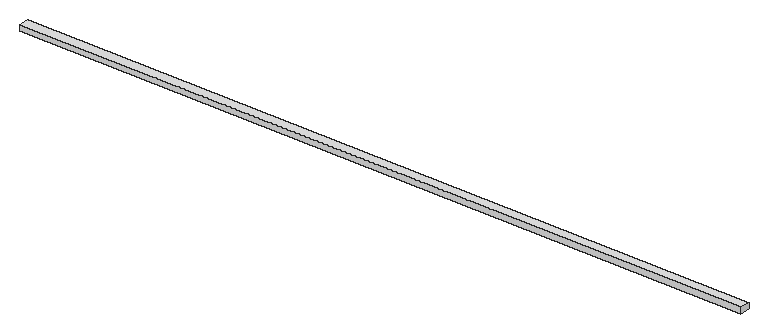
Revit family "MarshallTufflex_ElectricalFittings_TrunkingDado_Mini_MMT4a", category Generic Models, host Face, Revit 2016 (continued)
Definition of nested family "MarshallTufflex_ElectricalFittings_TrunkingDado_RadiusInternalBendCover"
  Parameters (values of type "MarshallTufflex_ElectricalFittings_TrunkingDado_Mini_RadiusInternalBendCover_TIDB4C")
    DocumentationInstallationGuide = "www.marshall-tufflex.com"
    DocumentationCertificates = "www.marshall-tufflex.com"
    Description = "Trunking Dado MT Mini Radius Internal Bend Cover TIDB4C"
    Default Elevation = 1200.000 mm
    Daily [instance] = "Please Record On Commisioning"
    CreatedOn = "2018-11-16T09:00:00"
    CreatedBy = "Sales@marshall-tufflex.com"
    Cost = 0
    Constituents = "Mini Trunking"
    Compartments = "No"
    Colour = "White (RAL9003)"
    Color = "White (RAL9003)"
    CodePerformance = "n/a"
    ClassificationValue = "Pr_65_70_11_61"
    ClassificationName = "Uniclass2015"
    CEApproval = "Yes"
    BespokeTimeframe [instance] = "Please Record On Commisioning"
    BarCode [instance] = "Please Record On Commisioning"
    BIMObjectName = "MarshallTufflex_ElectricalFittings_TrunkingDado_Mini_RadiusInternalBendCover_TIDB4C"
    AssetType = "Fixed"
    AssetIdentifier [instance] = "Please Record On Commisioning"
    Assembly Code = "D5010"
    Annually [instance] = "Please Record On Commisioning"
    AccessoryBoxDepth = "n/a"
    Accessories = "www.marshall-tufflex.com"
    AccessibilityPerformance = "n/a"
    AccessClearanceTop = 0.000 mm
    AccessClearanceRight = 0.000 mm
    AccessClearanceRear = 0.000 mm
    AccessClearanceLeft = 0.000 mm
    AccessClearanceFront = 0.000 mm
    AccessClearanceBottom = 0.000 mm
    6Monthly [instance] = "Please Record On Commisioning"
  Reference planes
    plane 1 "Center (Front/Back)": y = 0
    plane 2: z = 0
    plane 3 "Center (Left/Right)": x = 0
    plane 4: y = 20.5
    plane 5: y = -20.5
    plane 6: x = 67
    plane 7: x = 94
    plane 8: z = 27
    plane 9: z = 94
  Forms (mm)
    Extrusion 1, solid
      sketch origin (0, 0, 0) x (1, 0, 0) y (0, 1, 0)
        loop
          line (-1219.2, 1219.2) -> (-1219.2, -1219.2) -> (1219.2, -1219.2) -> (1219.2, 1219.2) -> (-1219.2, 1219.2)
      from 0 to -304.8
    Extrusion 2, solid
      sketch origin (0, 0, 0) x (1, 0, 0) y (0, 0, 1)
        loop
          line (0, 0) -> (94, 0) -> (94, 94) -> (67, 94) -> (67, 77)
          arc (67, 77) -> (52.355, 41.645) -> (17, 27) r 50
          line (17, 27) -> (0, 27) -> (0, 0)
      from -20.5 to 20.5
  Dimensions and locks
    "OverallHeight": plane 6 to plane 7
    "OverallLength": plane 3 "Center (Left/Right)" to plane 7
    "OverallWidth": plane 4 to plane 5
    equal spacing: plane 4, plane 1 "Center (Front/Back)", plane 5
    "OverallLength": plane 9 to Extrusion 1
    "OverallHeight": plane 8 to Extrusion 1
    aligned and locked: plane 2 to Extrusion 1
    aligned and locked: level to Extrusion 1
    aligned and locked: Extrusion 2 sketch curve to plane 8
    aligned and locked: plane 6 to Extrusion 2 sketch curve
    aligned and locked: Extrusion 2 sketch curve to plane 9
    aligned and locked: Extrusion 2 sketch curve to plane 7
    aligned and locked: plane 3 "Center (Left/Right)" to Extrusion 2 sketch curve
    aligned and locked: Extrusion 1 to Extrusion 2 sketch curve
    aligned and locked: plane 4 to Extrusion 2
    aligned and locked: Extrusion 2 to plane 5
  Automatic sketch dimensions
    Extrusion 1 sketch curve to Extrusion 1 sketch curve = 2438.400 mm  (x2)
    plane 3 "Center (Left/Right)" to Extrusion 2 sketch curve = 17.000 mm
Definition of nested family "MarshallTufflex_ElectricalFittings_TrunkingDado_RadiusExternalBend"
  Parameters (values of type "MarshallTufflex_ElectricalFittings_TrunkingDado_Mini_RadiusExternalBendAssembly_TEDB4")
    _DistributedBy = "www.bimstore.co.uk"
    _CurrentRevision = 1
    _CreatedBy = "www.marshall-tufflex.com"
    _BimSpecGuid = 0
    _BSBibleVersion = 15
    _AuthorizedBy = ""
    _Author = "Marshall-Tufflex Ltd"
    Weekly [instance] = "Please Record On Commisioning"
    WarrantyStartDate [instance] = "Please Record On Commisioning"
    WarrantyID [instance] = "Please Record On Commisioning"
    WarrantyGuarantorParts = "Sales@marshall-tufflex.com"
    WarrantyGuarantorLabor [instance] = "Please Record On Commisioning"
    WarrantyDurationUnit = "Years"
    WarrantyDurationParts = 0
    WarrantyDurationLabor = 0
    WarrantyDescription [instance] = "Please Record On Commisioning"
    URL = "www.marshall-tufflex.com"
    TypeName = "Marshall Tufflex Electrical Fitting Trunking Dado Mini"
    Type Comments = "Dado Trunking MMT4 Radius External Bend Assembly"
    Type = "Trunking"
    Sub-Type = "Fitting"
    SpareParts = "Sales@marshall-tufflex.com"
    ShippingWeight = 0
    Shape = "38x25mm"
    SerialNumber [instance] = "Please Record On Commisioning"
    ResponsibleSourcingOfMaterials = "n/a"
    ResponsibleExtractionOfMaterials = "n/a"
    ReplacementCost = "Sales@marshall-tufflex.com"
    ReferencedStandard = "BS EN 50085-1"
    ReferenceStandard = "BS EN 50085-1"
    Quarterly [instance] = "Please Record On Commisioning"
    ProductionYear = "2018"
    ProductRange = "Mini"
    ProductModelNumber = "TEDB4"
    ProductLiterature = "www.marshall-tufflex.com"
    OverallWidth = 41.000 mm
    OverallLength = 128.000 mm
    OverallHeight = 27.000 mm
    O&Mmanual = "www.marshall-tufflex.com"
    NominalLength = 0.000 mm
    NominalHeight = 0.000 mm
    NominalDepth = 0.000 mm
    NBSReference = "90-55-10/390"
    NBSOfficeMasterTag = "n/a"
    NBSObjectName = "MT MiniRadiusExternalBendAssemblyTEDB4"
    NBSNote = ""
    NBSDescription = "Proprietry Tunking"
    Monthly [instance] = "Please Record On Commisioning"
    ModelReference = "Mini"
    ModelNumber = "TEDB4"
    Model = "Mini"
    MaterialIngredientReporting = "n/a"
    Material = "PVCu"
    ManufacturerWebsite = "www.marshall-tufflex.com"
    ManufacturerName = "Marshall-Tufflex Ltd"
    Manufacturer = "Marshall-Tufflex Ltd"
    LocationOfManufacturer = "N 50°52'39\" E 0°31'41\""
    LifeCycleAnalysis = "n/a"
    LidConfiguration = "Tamper Proof"
    Keynote = "V90"
    InstallationDate [instance] = "Please Record On Commisioning"
    IfcExportType = "IfcCableSegmentType"
    IfcExportAs = "IfcFlowSegment"
    GrossWeight = 0
    GreenGuideforSpecification = 0
    Grade = "n/a"
    Fittings = "www.marshall-tufflex.com"
    Finish = "Matt"
    Features = "Variety of sizes, self-fixing and punched options"
    ExpectedLife = 0
    ErPEnergyLabel = "n/a"
    EnvironmentalProductDeclaration = "n/a"
    EnergyTechnologyList = "n/a"
    EnclosureRating = "IP4X"
    EmbodiedCarbon = 0
    DurationUnit = "Years"
    DocumentationTechnical = "www.marshall-tufflex.com"
    DocumentationMaintenance = "www.marshall-tufflex.com"
    DocumentationLiterature = "www.marshall-tufflex.com"
    DocumentationInstallationGuide = "www.marshall-tufflex.com"
    DocumentationCertificates = "www.marshall-tufflex.com"
    Description = "Trunking Dado MT Mini Radius External Bend Assembly TEDB4"
    Default Elevation = 1200.000 mm
    Daily [instance] = "Please Record On Commisioning"
    CreatedOn = "2018-11-16T09:00:00"
    CreatedBy = "Sales@marshall-tufflex.com"
    Cost = 0
    Constituents = "Mini Trunking"
    Compartments = "No"
    Colour = "White (RAL9003)"
    Color = "White (RAL9003)"
    CodePerformance = "n/a"
    ClassificationValue = "Pr_65_70_11_61"
    ClassificationName = "Uniclass2015"
    CEApproval = "Yes"
    BespokeTimeframe [instance] = "Please Record On Commisioning"
    BarCode [instance] = "Please Record On Commisioning"
    BIMObjectName = "MarshallTufflex_ElectricalFittings_TrunkingDado_Mini_RadiusExternalBendAssembly_TEDB4"
    AssetType = "Fixed"
    AssetIdentifier [instance] = "Please Record On Commisioning"
    Assembly Code = "D5010"
    Annually [instance] = "Please Record On Commisioning"
    AccessoryBoxDepth = "n/a"
    Accessories = "www.marshall-tufflex.com"
    AccessibilityPerformance = "n/a"
    AccessClearanceTop = 0.000 mm
    AccessClearanceRight = 0.000 mm
    AccessClearanceRear = 0.000 mm
    AccessClearanceLeft = 0.000 mm
    AccessClearanceFront = 0.000 mm
    AccessClearanceBottom = 0.000 mm
    6Monthly [instance] = "Please Record On Commisioning"
  Types (2, lengths in mm): name | Type Comments | ProductModelNumber | NBSObjectName | ModelNumber | Description | BIMObjectName
    MarshallTufflex_ElectricalFittings_TrunkingDado_Mini_RadiusExternalBendAssembly_TEDB4 | "Dado Trunking MMT4 Radius External Bend Assembly" | "TEDB4" | "MT MiniRadiusExternalBendAssemblyTEDB4" | "TEDB4" | "Trunking Dado MT Mini Radius External Bend Assembly TEDB4" | "MarshallTufflex_ElectricalFittings_TrunkingDado_Mini_RadiusExternalBendAssembly_TEDB4"
    MarshallTufflex_ElectricalFittings_TrunkingDado_Mini_RadiusExternalBendCover_TEDB4C | "Dado Trunking MMT4 Radius External Bend Cover" | "TEDB4C" | "MT MiniRadiusExternalBendCoverTEDB4C" | "TEDB4C" | "Trunking Dado MT Mini Radius External Bend Cover TEDB4C" | "MarshallTufflex_ElectricalFittings_TrunkingDado_Mini_RadiusExternalBendCover_TEDB4C"
  Reference planes
    plane 1 "Center (Front/Back)": y = 0
    plane 2: z = 0
    plane 3 "Center (Left/Right)": x = 0
    plane 4: y = 20.5
    plane 5: y = -20.5
    plane 6: z = 27
    plane 7: z = -101
  Forms (mm)
    Extrusion 1, solid
      sketch origin (0, 0, 0) x (1, 0, 0) y (0, 1, 0)
        loop
          line (-1219.2, 1219.2) -> (-1219.2, -1219.2) -> (1219.2, -1219.2) -> (1219.2, 1219.2) -> (-1219.2, 1219.2)
      from 0 to -304.8
    Extrusion 2, solid
      sketch origin (0, 0, 0) x (1, 0, 0) y (0, 0, 1)
        loop
          line (0, -101) -> (27, -101) -> (38.94, -54.909)
          arc (38.94, -54.909) -> (18.847, 18.847) -> (-54.909, 38.94) r 77
          line (-54.909, 38.94) -> (-101, 27) -> (-101, 0) -> (0, 0) -> (0, -101)
      from -20.5 to 20.5
  Dimensions and locks
    "OverallWidth": plane 4 to plane 5
    equal spacing: plane 4, plane 1 "Center (Front/Back)", plane 5
    Extrusion 1 to Extrusion 2 = 101.000 mm
    aligned and locked: plane 2 to Extrusion 1
    aligned and locked: level to Extrusion 1
    aligned and locked: Extrusion 1 to Extrusion 2 sketch curve
    aligned and locked: plane 4 to Extrusion 2
    aligned and locked: Extrusion 2 to plane 5
    aligned and locked: Extrusion 2 to plane 3 "Center (Left/Right)"
  Automatic sketch dimensions
    Extrusion 1 sketch curve to Extrusion 1 sketch curve = 2438.400 mm  (x2)
    Extrusion 2 sketch curve to plane 6 = 0.000 mm
    Extrusion 2 sketch curve to plane 3 "Center (Left/Right)" = 0.000 mm
    Extrusion 2 sketch curve to plane 7 = 0.000 mm
    Extrusion 2 sketch curve to Extrusion 2 sketch curve = 27.000 mm
    Extrusion 2 sketch curve to level = 35.600 mm
    plane 6 to Extrusion 2 sketch curve = 11.940 mm
    plane 3 "Center (Left/Right)" to Extrusion 2 sketch curve = 38.940 mm
    Extrusion 2 sketch curve to Extrusion 2 sketch curve = 46.091 mm
    Extrusion 2 sketch curve to plane 3 "Center (Left/Right)" = 35.600 mm
    Extrusion 2 sketch curve to plane 3 "Center (Left/Right)" = 54.909 mm
Definition of nested family "MarshallTufflex_ElectricalFittings_TrunkingDado_RadiusFlatAngle"
  Parameters (values of type "MarshallTufflex_ElectricalFittings_TrunkingDado_Mini_RadiusFlatAngleCover_TFDB4C")
    _DistributedBy = "www.bimstore.co.uk"
    _CurrentRevision = 1
    _CreatedBy = "www.marshall-tufflex.com"
    _BimSpecGuid = 0
    _BSBibleVersion = 15
    _AuthorizedBy = ""
    _Author = "Marshall-Tufflex Ltd"
    Weekly [instance] = "Please Record On Commisioning"
    WarrantyStartDate [instance] = "Please Record On Commisioning"
    WarrantyID [instance] = "Please Record On Commisioning"
    WarrantyGuarantorParts = "Sales@marshall-tufflex.com"
    WarrantyGuarantorLabor [instance] = "Please Record On Commisioning"
    WarrantyDurationUnit = "Years"
    WarrantyDurationParts = 0
    WarrantyDurationLabor = 0
    WarrantyDescription [instance] = "Please Record On Commisioning"
    URL = "www.marshall-tufflex.com"
    TypeName = "Marshall Tufflex Electrical Fitting Trunking Dado Mini"
    Type Comments = "Dado Trunking MMT4 Radius Flat Angle Cover"
    Type = "Trunking"
    Sub-Type = "Fitting"
    SpareParts = "Sales@marshall-tufflex.com"
    ShippingWeight = 0
    Shape = "41x27mm"
    SerialNumber [instance] = "Please Record On Commisioning"
    ResponsibleSourcingOfMaterials = "n/a"
    ResponsibleExtractionOfMaterials = "n/a"
    ReplacementCost = "Sales@marshall-tufflex.com"
    ReferencedStandard = "BS EN 50085-1"
    ReferenceStandard = "BS EN 50085-1"
    Quarterly [instance] = "Please Record On Commisioning"
    ProductionYear = "2018"
    ProductRange = "Mini"
    ProductModelNumber = "TFDB4C"
    ProductLiterature = "www.marshall-tufflex.com"
    OverallWidth = 41.000 mm
    OverallLength = 75.000 mm
    OverallHeight = 27.000 mm
    O&Mmanual = "www.marshall-tufflex.com"
    NominalLength = 0.000 mm
    NominalHeight = 0.000 mm
    NominalDepth = 0.000 mm
    NBSReference = "90-55-10/390"
    NBSOfficeMasterTag = "n/a"
    NBSObjectName = "MT MiniRadiusFlatAngleCoverTFDB4C"
    NBSNote = ""
    NBSDescription = "Proprietry Tunking"
    Monthly [instance] = "Please Record On Commisioning"
    ModelReference = "Mini"
    ModelNumber = "TFDB4C"
    Model = "Mini"
    MaterialIngredientReporting = "n/a"
    Material = "PVCu"
    ManufacturerWebsite = "www.marshall-tufflex.com"
    ManufacturerName = "Marshall-Tufflex Ltd"
    Manufacturer = "Marshall-Tufflex Ltd"
    LocationOfManufacturer = "N 50°52'39\" E 0°31'41\""
    LifeCycleAnalysis = "n/a"
    LidConfiguration = "Tamper Proof"
    Keynote = "V90"
    InstallationDate [instance] = "Please Record On Commisioning"
    IfcExportType = "IfcCableSegmentType"
    IfcExportAs = "IfcFlowSegment"
    GrossWeight = 0
    GreenGuideforSpecification = 0
    Grade = "n/a"
    Fittings = "www.marshall-tufflex.com"
    Finish = "Matt"
    Features = "Variety of sizes, self-fixing and punched options"
    ExpectedLife = 0
    ErPEnergyLabel = "n/a"
    EnvironmentalProductDeclaration = "n/a"
    EnergyTechnologyList = "n/a"
    EnclosureRating = "IP4X"
    EmbodiedCarbon = 0
    DurationUnit = "Years"
    DocumentationTechnical = "www.marshall-tufflex.com"
    DocumentationMaintenance = "www.marshall-tufflex.com"
    DocumentationLiterature = "www.marshall-tufflex.com"
    DocumentationInstallationGuide = "www.marshall-tufflex.com"
    DocumentationCertificates = "www.marshall-tufflex.com"
    Description = "Trunking Dado MT Mini Radius Flat Angle Cover TFDB4C"
    Default Elevation = 1200.000 mm
    Daily [instance] = "Please Record On Commisioning"
    CreatedOn = "2018-11-26T09:00:00"
    CreatedBy = "Sales@marshall-tufflex.com"
    Cost = 0
    Constituents = "Mini Trunking"
    Compartments = "No"
    Colour = "White (RAL9003)"
    Color = "White (RAL9003)"
    CodePerformance = "n/a"
    ClassificationValue = "Pr_65_70_11_61"
    ClassificationName = "Uniclass2015"
    CEApproval = "Yes"
    BespokeTimeframe [instance] = "Please Record On Commisioning"
    BarCode [instance] = "Please Record On Commisioning"
    BIMObjectName = "MarshallTufflex_ElectricalFittings_TrunkingDado_Mini_RadiusFlatAngleCover_TFDB4C"
    AssetType = "Fixed"
    AssetIdentifier [instance] = "Please Record On Commisioning"
    Assembly Code = "D5010"
    Annually [instance] = "Please Record On Commisioning"
    AccessoryBoxDepth = "n/a"
    Accessories = "www.marshall-tufflex.com"
    AccessibilityPerformance = "n/a"
    AccessClearanceTop = 0.000 mm
    AccessClearanceRight = 0.000 mm
    AccessClearanceRear = 0.000 mm
    AccessClearanceLeft = 0.000 mm
    AccessClearanceFront = 0.000 mm
    AccessClearanceBottom = 0.000 mm
    6Monthly [instance] = "Please Record On Commisioning"
  Types (2, lengths in mm): name | Type Comments | ProductModelNumber | NBSObjectName | ModelNumber | Description | BIMObjectName
    MarshallTufflex_ElectricalFittings_TrunkingDado_Mini_RadiusFlatAngleAssembly_TFDB4 | "Dado Trunking MMT4 Radius Flat Angle Assembly" | "TFDB4" | "MT MiniRadiusFlatAngleAssemblyTFDB4" | "TFDB4" | "Trunking Dado MT Mini Radius Flat Angle Assembly TFDB4" | "MarshallTufflex_ElectricalFittings_TrunkingDado_Mini_RadiusFlatAngleAssembly_TFDB4"
    MarshallTufflex_ElectricalFittings_TrunkingDado_Mini_RadiusFlatAngleCover_TFDB4C | "Dado Trunking MMT4 Radius Flat Angle Cover" | "TFDB4C" | "MT MiniRadiusFlatAngleCoverTFDB4C" | "TFDB4C" | "Trunking Dado MT Mini Radius Flat Angle Cover TFDB4C" | "MarshallTufflex_ElectricalFittings_TrunkingDado_Mini_RadiusFlatAngleCover_TFDB4C"
  Reference planes
    plane 1 "Center (Front/Back)": y = 0
    plane 2: z = 0
    plane 3 "Center (Left/Right)": x = 0
    plane 4: z = 0
    plane 5: y = 20.5
    plane 6: x = 20.5
    plane 7: x = -54.5
    plane 8: y = -20.5
    plane 9: x = -20.5
    plane 10: y = -54.5
    plane 11: z = 27
  Forms (mm)
    Extrusion 1, solid
      sketch origin (0, 0, 0) x (1, 0, 0) y (0, 1, 0)
        loop
          line (-1219.2, 1219.2) -> (-1219.2, -1219.2) -> (1219.2, -1219.2) -> (1219.2, 1219.2) -> (-1219.2, 1219.2)
      from 0 to -304.8
    Extrusion 2, solid
      sketch origin (0, 0, 0) x (1, 0, 0) y (0, 1, 0)
        loop
          line (-54.5, 20.5) -> (-54.5, -20.5) -> (-45.5, -20.5)
          arc (-45.5, -20.5) -> (-27.822, -27.822) -> (-20.5, -45.5) r 25
          line (-20.5, -45.5) -> (-20.5, -54.5) -> (20.5, -54.5) -> (20.5, 20.5) -> (-54.5, 20.5)
      from 0 to 27
  Dimensions and locks
    equal spacing: plane 9, plane 3 "Center (Left/Right)", plane 6
    equal spacing: plane 5, plane 1 "Center (Front/Back)", plane 8
    "OverallLength": plane 5 to plane 10
    "OverallLength": plane 7 to plane 6
    "OverallWidth": plane 9 to plane 6
    "OverallWidth": plane 5 to plane 8
    "OverallHeight": plane 11 to Extrusion 1
    aligned and locked: plane 2 to Extrusion 1
    aligned and locked: level to Extrusion 1
    aligned and locked: Extrusion 2 sketch curve to plane 5
    aligned and locked: plane 7 to Extrusion 2 sketch curve
    aligned and locked: plane 8 to Extrusion 2 sketch curve
    aligned and locked: plane 9 to Extrusion 2 sketch curve
    aligned and locked: plane 10 to Extrusion 2 sketch curve
    aligned and locked: Extrusion 2 sketch curve to plane 6
    aligned and locked: plane 11 to Extrusion 2
  Automatic sketch dimensions
    Extrusion 1 sketch curve to Extrusion 1 sketch curve = 2438.400 mm  (x2)
    plane 7 to Extrusion 2 sketch curve = 9.000 mm
Types (4, lengths in mm): name | TypeName | ProductModelNumber | NBSObjectName | ModelNumber | Description | BIMObjectName
  MMT4 | "Marshall Tufflex Electrical Fitting Trunking Dado Mini" | "MMT4" | "MT MiniTrunkingMMT4" | "MMT4" | "Trunking Dado MT Mini MMT4" | "MarshallTufflex_ElectricalFittings_TrunkingDado_Mini_MMT4"
  MMT4SF | "Marshall Tufflex Electrical Fitting Trunking Dado Self Fixing Mini" | "MMT4SF" | "MT MiniTrunkingMMT4SF" | "MMT4SF" | "Trunking Dado MT Mini MMT4SF" | "MarshallTufflex_ElectricalFittings_TrunkingDado_Mini_MMT4SF"
  MMTH4 | "Marshall Tufflex Electrical Fitting Trunking Dado Punched Mini" | "MMTH4" | "MT MiniTrunkingMMTH4" | "MMTH4" | "Trunking Dado MT Mini MMTH4" | "MarshallTufflex_ElectricalFittings_TrunkingDado_Mini_MMTH4"
  MMTH4SF | "Marshall Tufflex Electrical Fitting Trunking Dado Punched Self Fixing Mini" | "MMTH4SF" | "MT MiniTrunkingMMTH4SF" | "MMTH4SF" | "Trunking Dado MT Mini MMTH4SF" | "MarshallTufflex_ElectricalFittings_TrunkingDado_Mini_MMTH4SF"
